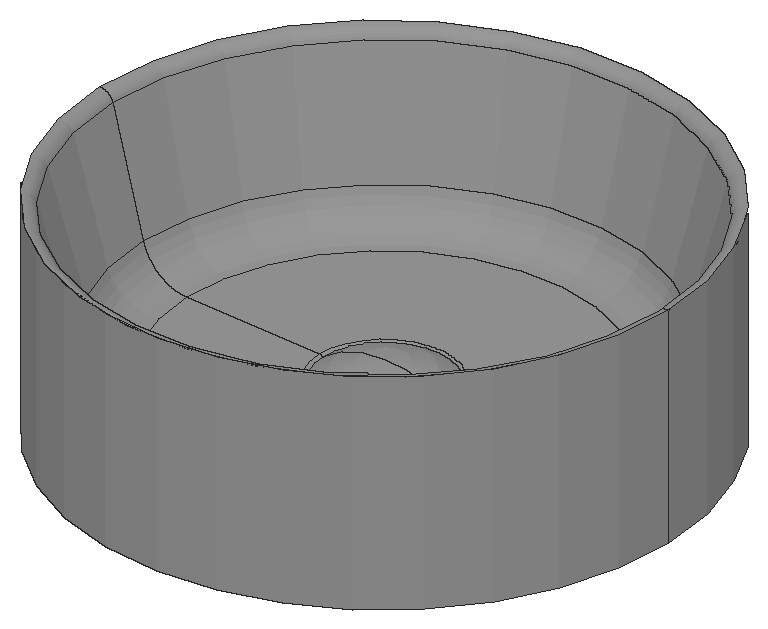
Revit family "ALMA-Julietta_Mini_Basin", category Plumbing Fixtures, host Face, Revit 2026
Family settings
  Host = Face
  Round Connector Dimension = Use Diameter
  Part Type = Normal
  Enable Cutting in Views = Yes
  Cut with Voids When Loaded = No
  Maintain Annotation Orientation = No
  Shared = No
  Room Calculation Point = No
Parameters (values of type "MATTE GREY")
  Width = 300 mm
  Height = 110 mm
  Default Elevation = 1219.2 mm
  Basin_Material = BM_MATTE GREY
Types (8, lengths in mm): name | Basin_Material
  (no name) | BM_MATTE GREY
  MATTE ECRU SAND | BM_MATTE ECRU SAND
  MATTE WHITE | BM_MATTE WHITE
  MATTE BLACK | BM_MATTE BLACK
  MATTE GREEN | BM_MATTE GREEN
  MATTE PINK | BM_MATTE PINK
  MATTE BLUE | BM_MATTE BLUE
  MATTE GREY | BM_MATTE GREY
Reference planes
  plane 1 "Center (Front/Back)": y = 0
  plane 2: z = 0
  plane 3 "Center (Left/Right)": x = 0
  plane 4: x = -150
  plane 5: x = 150
  plane 6: z = 110
  plane 7: y = 150
  plane 8: y = -150
Forms (mm)
  Revolve 1, solid, material "BM_MATTE GREY" <- "Basin_Material"
    sketch origin (0, 0, 0) x (1, 0, 0) y (0, 0, 1)
      loop
        line (-150, 110) -> (-150, 0) -> (-12, 0) -> (-12, 2.1)
        arc (-12, 2.1) -> (-12.349, 3.854) -> (-13.342, 5.341) r 4.583
        line (-13.342, 5.341) -> (-31.066, 23.065)
        arc (-31.066, 23.065) -> (-32.502, 24.042) -> (-34.196, 24.425) r 4.654
        line (-34.196, 24.425) -> (-103.986, 26.847)
        arc (-103.986, 26.847) -> (-118.641, 32.25) -> (-127.205, 45.312) r 24.934
        line (-127.205, 45.312) -> (-143.125, 104.725)
        arc (-143.125, 104.725) -> (-145.667, 108.529) -> (-150, 110) r 7.118
      axis (0, 0) -> (0, 110)
    angle from 0 to 360
  Revolve 2, solid, material "BM_MATTE GREY" <- "Basin_Material"
    sketch origin (0, 0, 5.9) x (1, 0, 0) y (0, 0, 1)
      loop
        line (-32.5, 18.125) -> (0, 18.125) -> (0, 28.125)
        arc (0, 28.125) -> (-17.019, 25.623) -> (-32.5, 18.125) r 56.604
      axis (0, 18.125) -> (0, 28.125)
    angle from 0 to 360
Text (mm)
  text "Refer to www.buildmat.com.au for the most current product literature. \nAllow a +/- 5mm tolerance for dimensions shown in the product literature. \nPlease note product details are subject to change due to ongoing product development." at (9, -1305.742, 0), in view "Ref. Level"
Dimensions and locks
  "Width": plane 4 to plane 5
  "Width": plane 8 to plane 7
  equal spacing: plane 8, plane 1 "Center (Front/Back)", plane 7
  equal spacing: plane 4, plane 3 "Center (Left/Right)", plane 5
  "Height": plane 6 to host face
  aligned and locked: plane 2 to host face
  aligned and locked: level to host face
Automatic sketch dimensions
  host sketch curve to host sketch curve = 2438.4 mm  (x2)
  Revolve 1 sketch curve to level = 0 mm  (x2)
  Revolve 1 sketch curve to plane 4 = 0 mm
  Revolve 1 sketch curve to plane 3 "Center (Left/Right)" = 0 mm
  Revolve 1 sketch curve to plane 6 = 0 mm  (x2)
  Revolve 1 sketch curve to plane 6 = 5.275 mm
  plane 4 to Revolve 1 sketch curve = 6.875 mm
  plane 4 to Revolve 1 sketch curve = 22.795 mm
  Revolve 1 sketch curve to Revolve 1 sketch curve = 23.219 mm
  Revolve 1 sketch curve to Revolve 1 sketch curve = 24.084 mm
  Revolve 1 sketch curve to plane 3 "Center (Left/Right)" = 34.357 mm
  Revolve 1 sketch curve to Revolve 1 sketch curve = 0.161 mm
  Revolve 1 sketch curve to Revolve 1 sketch curve = 3.13 mm
  level to Revolve 1 sketch curve = 2.1 mm
  Revolve 1 sketch curve to plane 3 "Center (Left/Right)" = 16.583 mm
  level to Revolve 1 sketch curve = 5.341 mm
  Revolve 1 sketch curve to Revolve 1 sketch curve = 3.241 mm
  level to Revolve 1 sketch curve = 19.774 mm
  Revolve 1 sketch curve to Revolve 1 sketch curve = 3.291 mm
  level to Revolve 1 sketch curve = 26.847 mm
  Revolve 1 sketch curve to Revolve 1 sketch curve = 18.465 mm
  Revolve 2 sketch curve to plane 3 "Center (Left/Right)" = 0 mm  (x2)
  Revolve 2 sketch curve to plane 3 "Center (Left/Right)" = 0.372 mm
  Revolve 2 sketch curve to Revolve 2 sketch curve = 32.5 mm
  Revolve 2 sketch curve to level = 22.578 mm
  level to Revolve 2 sketch curve = 24.025 mm
  Revolve 2 sketch curve to Revolve 2 sketch curve = 0 mm  (x2)
